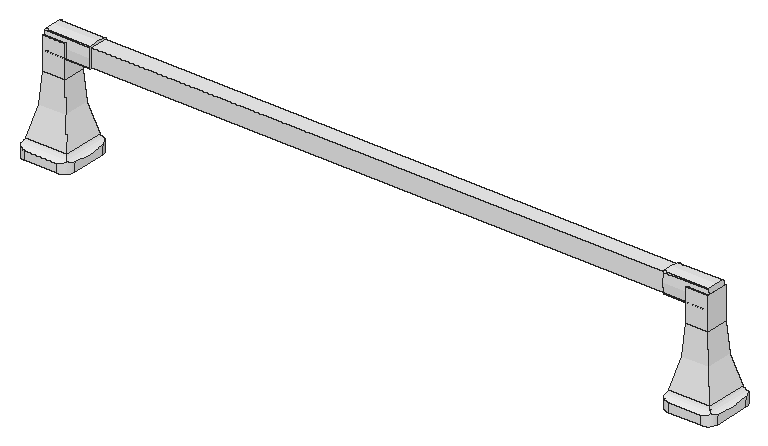
Revit family "Towel_Bar-American_Standard-Townsend-73530XX_Series", category Specialty Equipment, host Face, Revit 2019
Family settings
  Host = Face
  Round Connector Dimension = Use Diameter
  Part Type = Normal
  OmniClass Number = 23.40.20.21.27
  OmniClass Title = Towel Bars
  Cut with Voids When Loaded = No
  Shared = Yes
  Room Calculation Point = No
Parameters (values of type "7353024.002")
  Width = 4"  # constant formula
  Warranty Information = "Lifetime Warranty"  # constant formula
  URL = "https://www.americanstandard-us.com/"
  Type Comments = ""
  Revised Date = "02/20/2024"  # constant formula
  Product Page URL = "https://www.americanstandard-us.com/bathroom/bathroom-accessories/townsend-24-inch-towel-bar-23994?variant=polished-chrome"
  Product Documentation Link = "https://lixil.cdn.celum.cloud/168941_spec_7105018-24_StudioS_towel_bars_original.pdf"
  Price = "Prices may vary. Please consult Manufacturer Representative for most up-to-date price list."  # constant formula
  Model = "7353024.002"
  Material = "Metal-American Standard-002-Polished Chrome"
  Manufacturer = "American Standard"  # constant formula
  Length = 24"
  Installation Type = "Wall Mount"  # constant formula
  Installation Instruction Link = "https://lixil.cdn.celum.cloud/167911_as_us_bath_install__7353%20(5031)_original.pdf"
  Height = 2 1/4"  # constant formula
  Finish = Metal-American Standard-002-Polished Chrome
  Description = "Townsend® 24-Inch Towel Bar"
  Default Elevation = 48"  # constant formula
  Creation Date = "05/07/2018"  # constant formula
  Assembly Code = "C1030220"
Types (11): name | Product Page URL | Model | Material | Length | Installation Instruction Link | Finish | Description
  (no name) | "https://www.americanstandard-us.com/bathroom/bathroom-accessories/townsend-24-inch-towel-bar-23994?variant=polished-chrome" | "7353024.002" | "Metal-American Standard-002-Polished Chrome" | 24" | "https://lixil.cdn.celum.cloud/167911_as_us_bath_install__7353%20(5031)_original.pdf" | Metal-American Standard-002-Polished Chrome | "Townsend® 24-Inch Towel Bar"
  7353018.002 | "https://www.americanstandard-us.com/towel-bars/townsend-18-inch-towel-bar/chrome-7353018002" | "7353018.002" | "Metal-American Standard-002-Polished Chrome" | 18" | "https://lixil.cdn.celum.cloud/167919_as_us_bath_install__7353%20(5030)_original.pdf" | Metal-American Standard-002-Polished Chrome | "Townsend® 18-Inch Towel Bar"
  7353024.002 | "https://www.americanstandard-us.com/bathroom/bathroom-accessories/townsend-24-inch-towel-bar-23994?variant=polished-chrome" | "7353024.002" | "Metal-American Standard-002-Polished Chrome" | 24" | "https://lixil.cdn.celum.cloud/167911_as_us_bath_install__7353%20(5031)_original.pdf" | Metal-American Standard-002-Polished Chrome | "Townsend® 24-Inch Towel Bar"
  7353018.013 | "https://www.americanstandard-us.com/towel-bars/townsend-18-inch-towel-bar/polished-nickel-7353018013" | "7353018.013" | "Metal-American Standard-013-Polished Nickel" | 18" | "https://lixil.cdn.celum.cloud/167919_as_us_bath_install__7353%20(5030)_original.pdf" | Metal-American Standard-013-Polished Nickel | "Townsend® 18-Inch Towel Bar"
  7353018.295 | "https://www.americanstandard-us.com/towel-bars/townsend-18-inch-towel-bar/brushed-nickel-7353018295" | "7353018.295" | "Metal-American Standard-295-PVD Satin Nickel" | 18" | "https://lixil.cdn.celum.cloud/167919_as_us_bath_install__7353%20(5030)_original.pdf" | Metal-American Standard-295-PVD Satin Nickel | "Townsend® 18-Inch Towel Bar"
  7353024.013 | "https://www.americanstandard-us.com/towel-bars/townsend-24-inch-towel-bar/polished-nickel-7353024013" | "7353024.013" | "Metal-American Standard-013-Polished Nickel" | 24" | "https://lixil.cdn.celum.cloud/167911_as_us_bath_install__7353%20(5031)_original.pdf" | Metal-American Standard-013-Polished Nickel | "Townsend® 24-Inch Towel Bar"
  7353024.295 | "https://www.americanstandard-us.com/towel-bars/townsend-24-inch-towel-bar/chrome-7353024002" | "7353024.295" | "Metal-American Standard-295-PVD Satin Nickel" | 24" | "https://lixil.cdn.celum.cloud/167911_as_us_bath_install__7353%20(5031)_original.pdf" | Metal-American Standard-295-PVD Satin Nickel | "Townsend® 24-Inch Towel Bar"
  7353018.GN0 | "https://www.americanstandard-us.com/towel-bars/townsend-18-inch-towel-bar/brushed-nickel-7353018295" | "7353018.GN0" | "Metal-American Standard-GN0-Brushed Cool Sunrise" | 18" | "https://lixil.cdn.celum.cloud/167919_as_us_bath_install__7353%20(5030)_original.pdf" | Metal-American Standard-GN0-Brushed Cool Sunrise | "Townsend® 18-Inch Towel Bar"
  7353024.GN0 | "https://www.americanstandard-us.com/towel-bars/townsend-24-inch-towel-bar/grohe-brushed-cool-sunrise-7353024gn0" | "7353024.GN0" | "Metal-American Standard-GN0-Brushed Cool Sunrise" | 24" | "https://lixil.cdn.celum.cloud/167911_as_us_bath_install__7353%20(5031)_original.pdf" | Metal-American Standard-GN0-Brushed Cool Sunrise | "Townsend® 24-Inch Towel Bar"
  7353024.243 | "https://www.americanstandard-us.com/towel-bars/townsend-24-inch-towel-bar/matte-black-7353024243" | "7353024.243" | "Metal-American Standard-243-Matte Black" | 24" | "https://lixil.cdn.celum.cloud/167911_as_us_bath_install__7353%20(5031)_original.pdf" | Metal-American Standard-243-Matte Black | "Townsend® 24-Inch Towel Bar"
  7353018.243 | "https://www.americanstandard-us.com/towel-bars/townsend-18-inch-towel-bar/matte-black-7353018243" | "7353018.243" | "Metal-American Standard-243-Matte Black" | 18" | "https://lixil.cdn.celum.cloud/167919_as_us_bath_install__7353%20(5030)_original.pdf" | Metal-American Standard-243-Matte Black | "Townsend® 18-Inch Towel Bar"
Reference planes (in)
  plane 1 "Center (Front/Back)": y = 0
  plane 2: z = 0
  plane 3 "Center (Left/Right)": x = -0.00133
  plane 4: z = 4
  plane 5: y = -0.3125
  plane 6: y = 0.3125
  plane 7: z = 4.3
  plane 8: z = 3.6875
  plane 9: x = -12.00133
  plane 10: x = 11.99867
  plane 11: x = -11.12898
  plane 12: x = -12.87367
  plane 13: x = 12.87367
  plane 14: x = 11.12367
  plane 15: y = 0.875
  plane 16: y = -0.875
  plane 17: x = -10.68883
  plane 18: y = 1
  plane 19: y = -1
  plane 20: x = -11.00133
  plane 21: x = -13.00133
  plane 22: y = 1
  plane 23: y = -1
  plane 24: x = 10.99867
  plane 25: x = 12.99867
  plane 26: y = 1
  plane 27: y = -1
  plane 28: x = 10.99867
  plane 29: x = 12.99867
Forms (in)
  Extrusion 1, solid, material "Metal-American Standard-002-Polished Chrome" <- "Finish"
    sketch origin (0, 0, 0) x (1, 0, 0) y (0, 1, 0)
      loop
        line (11.99867, 0.3125) -> (-12.00133, 0.3125) -> (-12.00133, -0.3125) -> (11.99867, -0.3125) -> (11.99867, 0.3125)
    from 3.46272 to 4.14043
  Sweep 2, solid, material "Metal-American Standard-002-Polished Chrome" <- "Finish"
    path origin (0, 0, 0) x (1, 0, 0) y (0, 1, 0)
      loop
        line (-13.12367, 1.125) -> (-13.12367, -1.125) -> (-10.87367, -1.125) -> (-10.87367, 1.125) -> (-13.12367, 1.125)
    profile origin (-11.99867, 1.125, 0) x (0, 1, 0) y (0, 0, 1)
      loop
        line (-0.75613, 0) -> (0.33314, 0) -> (0.33314, 0.25) -> (0.11602, 0.25)
        arc (0.11602, 0.25) -> (-0.17714, 0.34496) -> (-0.35895, 0.59378) r 0.5
        arc (-0.35895, 0.59378) -> (-0.62321, 1.68155) -> (-0.71204, 2.79743) r 7.05294
        line (-0.71204, 2.79743) -> (-0.71204, 4) -> (-0.75613, 4) -> (-0.75613, 0)
  Sweep 3, solid, material "Metal-American Standard-002-Polished Chrome" <- "Finish"
    path origin (-0.00265, 0, 0) x (-1, 0, 0) y (0, 1, 0)
      loop
        line (-13.12367, 1.125) -> (-13.12367, -1.125) -> (-10.87367, -1.125) -> (-10.87367, 1.125) -> (-13.12367, 1.125)
    profile origin (11.99602, 1.125, 0) x (0, -1, 0) y (0, 0, 1)
      loop
        line (0.75613, 0) -> (0.75613, 4) -> (0.71204, 4) -> (0.71204, 2.79742)
        arc (0.71204, 2.79742) -> (0.62321, 1.68152) -> (0.35893, 0.59373) r 7.05294
        arc (0.35893, 0.59373) -> (0.17713, 0.34492) -> (-0.11603, 0.24996) r 0.5
        line (-0.11603, 0.24996) -> (-0.33314, 0.24996) -> (-0.33314, 0) -> (0.75613, 0)
  Extrusion 4, void
    sketch origin (0, 0, 0) x (1, 0, 0) y (0, 1, 0)
      loop
        line (-13.58181, 1.58314) -> (-13.58181, -1.58314) -> (-10.41553, -1.58314) -> (-10.41553, 1.58314) -> (-13.58181, 1.58314)
      loop
        line (13.45416, 1.45814) -> (10.53788, 1.45814) -> (10.53788, -1.45814) -> (13.45416, -1.45814) -> (13.45416, 1.45814)
      loop
        line (-11.40557, 1) -> (-12.59709, 1)
        arc (-12.59709, 1) -> (-12.84944, 0.90238) -> (-12.97042, 0.66035) r 0.375
        arc (-12.97042, 0.66035) -> (-13.00162, 0.00041) -> (-12.97056, -0.65954) r 7.00967
        arc (-12.97056, -0.65954) -> (-12.84936, -0.90215) -> (-12.59643, -1) r 0.3758
        line (-12.59643, -1) -> (-11.4055, -1)
        arc (-11.4055, -1) -> (-11.15312, -0.90237) -> (-11.03216, -0.6603) r 0.375
        arc (-11.03216, -0.6603) -> (-11.00103, 0.00002) -> (-11.03224, 0.66035) r 7.00967
        arc (-11.03224, 0.66035) -> (-11.15321, 0.90238) -> (-11.40557, 1) r 0.375
      loop
        arc (11.40291, 1) -> (11.15056, 0.90238) -> (11.02958, 0.66035) r 0.375
        arc (11.02958, 0.66035) -> (10.99838, 0.00002) -> (11.02951, -0.6603) r 7.00967
        arc (11.02951, -0.6603) -> (11.15047, -0.90237) -> (11.40284, -1) r 0.375
        line (11.40284, -1) -> (12.59378, -1)
        arc (12.59378, -1) -> (12.8467, -0.90215) -> (12.96791, -0.65954) r 0.3758
        arc (12.96791, -0.65954) -> (12.99897, 0.00041) -> (12.96776, 0.66035) r 7.00967
        arc (12.96776, 0.66035) -> (12.84679, 0.90238) -> (12.59443, 1) r 0.375
        line (12.59443, 1) -> (11.40291, 1)
    from 0 to 0.58856
  Extrusion 5, solid, material "Metal-American Standard-002-Polished Chrome" <- "Finish"
    sketch origin (-0.00133, 0, 0) x (0, 1, 0) y (0, 0, 1)
      loop
        arc (-0.31928, 4.17451) -> (-0.33821, 4.16449) -> (-0.34781, 4.14533) r 0.03516
        arc (-0.34781, 4.14533) -> (-0.375, 3.796) -> (-0.34814, 3.44664) r 2.27125
        arc (-0.34814, 3.44664) -> (-0.33765, 3.42658) -> (-0.31712, 3.41707) r 0.03516
        arc (-0.31712, 3.41707) -> (0.00311, 3.40022) -> (0.32331, 3.41774) r 2.99207
        arc (0.32331, 3.41774) -> (0.34424, 3.42769) -> (0.35442, 3.44852) r 0.03516
        arc (0.35442, 3.44852) -> (0.37502, 3.79608) -> (0.35409, 4.14363) r 2.91944
        arc (0.35409, 4.14363) -> (0.34503, 4.16302) -> (0.32623, 4.17326) r 0.03429
        arc (0.32623, 4.17326) -> (0.00353, 4.20292) -> (-0.31928, 4.17451) r 1.8082
    from 10.69023 to 12.36622
  Extrusion 6, solid, material "Metal-American Standard-002-Polished Chrome" <- "Finish"
    sketch origin (-0.00133, 0, 0) x (0, 1, 0) y (0, 0, -1)
      loop
        arc (-0.31929, -4.17451) -> (0.00352, -4.20292) -> (0.32622, -4.17326) r 1.8082
        arc (0.32622, -4.17326) -> (0.34502, -4.16302) -> (0.35408, -4.14363) r 0.03429
        arc (0.35408, -4.14363) -> (0.37501, -3.79608) -> (0.35441, -3.44852) r 2.91944
        arc (0.35441, -3.44852) -> (0.34423, -3.42769) -> (0.3233, -3.41774) r 0.03516
        arc (0.3233, -3.41774) -> (0.0031, -3.40022) -> (-0.31713, -3.41707) r 2.99207
        arc (-0.31713, -3.41707) -> (-0.33766, -3.42658) -> (-0.34814, -3.44664) r 0.03516
        arc (-0.34814, -3.44664) -> (-0.37501, -3.796) -> (-0.34782, -4.14533) r 2.27125
        arc (-0.34782, -4.14533) -> (-0.33822, -4.16449) -> (-0.31929, -4.17451) r 0.03516
    from 10.6875 to 12.36622
Cuts and joins
  Extrusion 4 cuts Sweep 2
  Extrusion 4 cuts Sweep 3
  joined: Extrusion 1, Sweep 2, Sweep 3
  joined: Extrusion 5, Extrusion 6
Lines and regions (in)
  Masking region 1
    outline origin (0, 0, 0) x (1, 0, 0) y (0, 0, 1)
      loop
        line (12.40898, 2.79742) -> (12.40898, 4) -> (12.36489, 4) -> (12.36489, 4.20293) -> (10.68891, 4.20293) -> (10.68891, 4.14043) -> (-10.68883, 4.14043) -> (-10.68883, 4.20293) -> (-12.36755, 4.20293) -> (-12.36755, 4) -> (-12.41163, 4) -> (-12.41163, 2.79743)
        arc (-12.41163, 2.79743) -> (-12.50046, 1.68155) -> (-12.76473, 0.59378) r 7.05294
        arc (-12.76473, 0.59378) -> (-12.85604, 0.42937) -> (-13.00162, 0.31032) r 0.5
        line (-13.00162, 0.31032) -> (-13.00162, 0) -> (-11.00103, 0) -> (-11.00103, 0.31323)
        arc (-11.00103, 0.31323) -> (-11.14324, 0.43169) -> (-11.23262, 0.59378) r 0.5
        arc (-11.23262, 0.59378) -> (-11.49688, 1.68155) -> (-11.58572, 2.79743) r 7.05294
        line (-11.58572, 2.79743) -> (-11.58572, 3.40022) -> (-10.68883, 3.40022) -> (-10.68883, 3.46272) -> (10.68891, 3.46272) -> (10.68891, 3.40022) -> (11.58306, 3.40022) -> (11.58306, 2.79742)
        arc (11.58306, 2.79742) -> (11.48847, 1.64616) -> (11.20722, 0.52578) r 7.05294
        arc (11.20722, 0.52578) -> (11.11935, 0.40199) -> (10.99838, 0.31028) r 0.5
        line (10.99838, 0.31028) -> (10.99838, 0) -> (12.99897, 0) -> (12.99897, 0.31028)
        arc (12.99897, 0.31028) -> (12.85339, 0.42933) -> (12.76209, 0.59373) r 0.5
        arc (12.76209, 0.59373) -> (12.49781, 1.68152) -> (12.40898, 2.79742) r 7.05294
  symbolic lines, detail levels medium+fine
    curve 1: line (12.36489, 0, 4) -> (11.58306, 0, 4)
    curve 2: line (11.58306, 0, 4) -> (11.58306, 0, 3.40022)
    curve 3: line (-12.36755, 0, 4) -> (-11.58572, 0, 4)
    curve 4: line (-11.58572, 0, 4) -> (-11.58572, 0, 3.40022)
  symbolic lines, detail levels fine
    curve 5: line (10.68891, 0, 3.46272) -> (10.68891, 0, 4.14043)
    curve 6: line (-10.68883, 0, 3.46272) -> (-10.68883, 0, 4.14043)
    curve 7: line (-10.99996, 0, 0.31094) -> (-12.99821, 0, 0.31094)
    curve 8: line (12.96776, 0, 0.32867) -> (11.02958, 0, 0.32867)
Dimensions and locks (in)
  "Width": plane 4 to plane 2
  plane 6 to plane 1 "Center (Front/Back)" to plane 5 = 5/16", 5/16"
  host face to plane 4 = 4"
  plane 8 to plane 4 to plane 7 = 5/16", 0.3"
  plane 7 to plane 8 = 0.6125"
  plane 8 to plane 7 = 0.6125"
  equal spacing: plane 15, plane 1 "Center (Front/Back)", plane 16
  locked: plane 15 to plane 16 at 1.75
  equal spacing: plane 12, plane 9, plane 11
  locked: plane 12 to plane 11 at 1.74469
  equal spacing: plane 14, plane 10, plane 13
  locked: plane 14 to plane 13 at 1.75
  equal spacing: plane 9, plane 3 "Center (Left/Right)", plane 10
  "Length": plane 9 to plane 10
  locked: Sweep 3 sketch curve to plane 15 at 0.25
  locked: Sweep 3 sketch curve to plane 16 at 0.25
  locked: plane 13 to Sweep 3 sketch curve at 0.24735
  locked: Sweep 3 sketch curve to plane 14 at 0.25265
  locked: Sweep 2 sketch curve to plane 15 at 0.25
  locked: Sweep 2 sketch curve to plane 16 at 0.25
  locked: Sweep 2 sketch curve to plane 12 at 0.25
  locked: plane 11 to Sweep 2 sketch curve at 0.25531
  locked: Sweep 2 sketch curve to profile plane at 0.33314
  locked: profile plane to Sweep 2 sketch curve at 0.75613
  locked: Sweep 2 sketch curve to Sweep 2 sketch curve at 0.04408
  locked: Sweep 3 sketch curve to profile plane at 0.33314
  locked: profile plane to Sweep 3 sketch curve at 0.75613
  locked: Sweep 3 sketch curve to Sweep 3 sketch curve at 0.04408
  locked: cut or joined group of Extrusion 5, Extrusion 6 to plane 10 at 1.30977
  locked: plane 9 to plane 17 at 1.3125
  plane 18 to plane 1 "Center (Front/Back)" = 1"
  plane 19 to plane 1 "Center (Front/Back)" = 1"
  plane 21 to plane 9 = 1"
  plane 9 to plane 20 = 1"
  locked: cut or joined group of Extrusion 1, Sweep 2, Sweep 3, Extrusion 4 to cut or joined group of Extrusion 1, Sweep 2, Sweep 3, Extrusion 4 at 2
  locked: plane 23 to plane 1 "Center (Front/Back)" at 1
  locked: plane 22 to plane 23 at 2
  plane 27 to plane 1 "Center (Front/Back)" = 1"
  radius of Extrusion 4 sketch curve = 3/8"  (x6)
  aligned and locked: plane 2 to host face
  aligned and locked: level to host face
  aligned and locked: plane 4 to Sweep 2 sketch curve
  aligned and locked: level to Sweep 2 sketch curve
  aligned and locked: level to Sweep 3 sketch curve
  aligned and locked: plane 4 to Sweep 3 sketch curve
  aligned and locked: Extrusion 4 sketch curve to Sweep 3  (x4)
  aligned and locked: Masking region 1 sketch curve to cut or joined group of Extrusion 1, Sweep 2, Sweep 3, Extrusion 4  (x13)
  aligned and locked: Masking region 1 sketch curve to cut or joined group of Extrusion 5, Extrusion 6  (x5)
  aligned and locked: cut or joined group of Extrusion 1, Sweep 2, Sweep 3, Extrusion 4 to Masking region 1 sketch curve  (x2)
  aligned and locked: cut or joined group of Extrusion 5, Extrusion 6 to Masking region 1 sketch curve
  aligned and locked: cut or joined group of Extrusion 1, Sweep 2, Sweep 3, Extrusion 4 to cut or joined group of Extrusion 1, Sweep 2, Sweep 3, Extrusion 4  (x2)
  aligned and locked: curve 3 to plane 4
  aligned and locked: plane 4 to curve 1
  aligned and locked: curve 2 to Masking region 1
  aligned and locked: cut or joined group of Extrusion 1, Sweep 2, Sweep 3, Extrusion 4 to curve 6  (x2)
  aligned and locked: curve 6 to cut or joined group of Extrusion 5, Extrusion 6
  aligned and locked: cut or joined group of Extrusion 1, Sweep 2, Sweep 3, Extrusion 4 to curve 5  (x2)
  aligned and locked: cut or joined group of Extrusion 5, Extrusion 6 to curve 5
  aligned and locked: cut or joined group of Extrusion 1, Sweep 2, Sweep 3, Extrusion 4 to plane 9
  aligned and locked: plane 10 to cut or joined group of Extrusion 1, Sweep 2, Sweep 3, Extrusion 4
  aligned and locked: cut or joined group of Extrusion 5, Extrusion 6 to cut or joined group of Extrusion 1, Sweep 2, Sweep 3, Extrusion 4  (x2)
  aligned and locked: plane 17 to cut or joined group of Extrusion 5, Extrusion 6
  aligned and locked: plane 18 to Extrusion 4 sketch curve
  aligned and locked: Extrusion 4 sketch curve to plane 19
  aligned and locked: Extrusion 4 sketch curve to plane 26
  aligned and locked: Extrusion 4 sketch curve to plane 27
Automatic sketch dimensions
  host sketch curve to host sketch curve = 96"  (x2)
  plane 6 to Extrusion 1 sketch curve = 0"
  Extrusion 1 sketch curve to plane 9 = 0"
  plane 5 to Extrusion 1 sketch curve = 0"
  Extrusion 1 sketch curve to plane 10 = 0"
  Sweep 2 sketch curve to profile plane = 0.11602"
  level to Sweep 2 sketch curve = 2.79743"
  Sweep 2 sketch curve to profile plane = 6.3409"
  Sweep 2 sketch curve to Sweep 2 sketch curve = 1/4"
  Sweep 2 sketch curve to Sweep 2 sketch curve = 1/2"
  level to Sweep 3 sketch curve = 2.79742"
  profile plane to Sweep 3 sketch curve = 6.3409"
  profile plane to Sweep 3 sketch curve = 0.11603"
  Sweep 3 sketch curve to Sweep 3 sketch curve = 0.24996"
  Sweep 3 sketch curve to Sweep 3 sketch curve = 1/2"
  plane 1 "Center (Front/Back)" to Extrusion 4 sketch curve = 0.00038"  (x4)
  Extrusion 4 sketch curve to Extrusion 4 sketch curve = 4.54858"
  plane 17 to Extrusion 4 sketch curve = 4.69688"
  plane 17 to Extrusion 4 sketch curve = 0.27329"
  Extrusion 4 sketch curve to plane 11 = 0.27652"
  Extrusion 4 sketch curve to plane 11 = 0.27659"
  Extrusion 4 sketch curve to plane 12 = 0.27724"
  Extrusion 4 sketch curve to plane 12 = 0.27659"
  Extrusion 4 sketch curve to plane 21 = 0.58049"
  Extrusion 4 sketch curve to Extrusion 4 sketch curve = 4.42889"
  Extrusion 4 sketch curve to plane 14 = 0.27917"
  Extrusion 4 sketch curve to plane 14 = 0.27924"
  Extrusion 4 sketch curve to plane 13 = 0.27989"
  Extrusion 4 sketch curve to plane 13 = 0.27924"
  Extrusion 4 sketch curve to Extrusion 4 sketch curve = 4.55389"
  Extrusion 4 sketch curve to plane 19 = 0.58314"
  Extrusion 4 sketch curve to plane 16 = 0.2508"  (x2)
  plane 18 to Extrusion 4 sketch curve = 0.58314"
  Extrusion 4 sketch curve to Extrusion 4 sketch curve = 0"  (x4)
  Extrusion 6 sketch curve to plane 1 "Center (Front/Back)" = 0"  (x2)
  plane 5 to Extrusion 6 sketch curve = 0.00058"
  plane 5 to Extrusion 6 sketch curve = 0.0009"
  Extrusion 6 sketch curve to plane 8 = 0.10721"
  plane 16 to Extrusion 6 sketch curve = 1.66943"
  Extrusion 6 sketch curve to plane 6 = 0.00754"
  Extrusion 6 sketch curve to plane 6 = 0.007"
  Extrusion 6 sketch curve to plane 8 = 0.10744"
  plane 15 to Extrusion 6 sketch curve = 1.02124"
  Extrusion 6 sketch curve to plane 4 = 0.13953"
  Extrusion 6 sketch curve to plane 4 = 0.13991"
  Extrusion 6 sketch curve to plane 7 = 2.09229"
  plane 8 to Extrusion 6 sketch curve = 0.23547"
  plane 8 to Extrusion 6 sketch curve = 0.23481"
  plane 5 to Extrusion 6 sketch curve = 0.00463"
  Extrusion 6 sketch curve to Extrusion 6 sketch curve = 0"  (x6)
  plane 5 to Extrusion 6 sketch curve = 0.00679"
  Extrusion 6 sketch curve to Extrusion 6 sketch curve = 1.02235"
  Extrusion 5 sketch curve to plane 8 = 0.10721"
  plane 16 to Extrusion 5 sketch curve = 1.66942"
  plane 5 to Extrusion 5 sketch curve = 0.00089"
  plane 5 to Extrusion 5 sketch curve = 0.00057"
  Extrusion 5 sketch curve to plane 1 "Center (Front/Back)" = 0"  (x2)
  Extrusion 5 sketch curve to plane 6 = 0.00701"
  Extrusion 5 sketch curve to plane 6 = 0.00755"
  Extrusion 5 sketch curve to plane 8 = 0.10744"
  plane 15 to Extrusion 5 sketch curve = 1.02125"
  plane 8 to Extrusion 5 sketch curve = 0.23481"
  plane 8 to Extrusion 5 sketch curve = 0.23547"
  Extrusion 5 sketch curve to plane 4 = 0.13953"
  Extrusion 5 sketch curve to plane 4 = 0.13991"
  Extrusion 5 sketch curve to plane 7 = 2.09229"
  Extrusion 5 sketch curve to Extrusion 5 sketch curve = 0.03474"
  Extrusion 5 sketch curve to Extrusion 5 sketch curve = 0"  (x7)
  Extrusion 5 sketch curve to Extrusion 5 sketch curve = 1.02235"
  plane 12 to Masking region 1 sketch curve = 0.12795"
  plane 11 to Masking region 1 sketch curve = 0.12795"
  plane 14 to Masking region 1 sketch curve = 0.36338"
  plane 14 to Masking region 1 sketch curve = 0.1253"
  plane 13 to Masking region 1 sketch curve = 0.1253"
  Masking region 1 sketch curve to Masking region 1 sketch curve = 0.31028"
  Masking region 1 sketch curve to Masking region 1 sketch curve = 0.43968"
  plane 8 to Masking region 1 sketch curve = 0.28728"  (x2)
  Masking region 1 sketch curve to Masking region 1 sketch curve = 1/16"
  plane 7 to Masking region 1 sketch curve = 0.09707"
  plane 9 to curve 4 = 0.41561"
  curve 3 to plane 9 = 0.36622"
  plane 11 to curve 7 = 0.12902"
  plane 14 to curve 8 = 0.09409"
  plane 10 to curve 1 = 0.36622"
  plane 13 to curve 8 = 0.09409"
  plane 8 to curve 2 = 0.28728"
  plane 8 to curve 4 = 0.28728"
  level to curve 8 = 0.32867"
  level to curve 7 = 0.31094"
  plane 12 to curve 7 = 0.12454"
